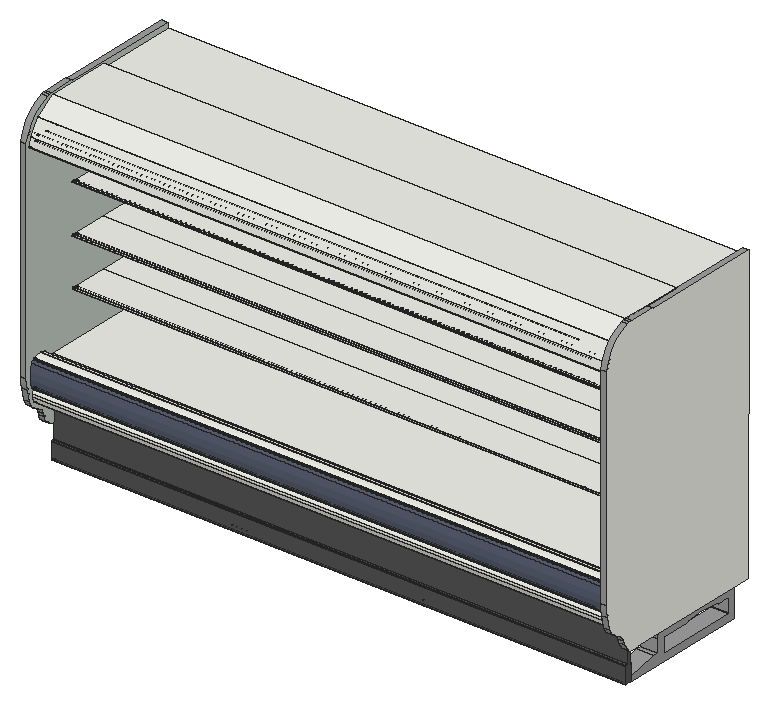
Revit family "IC4SL_2014", category Specialty Equipment, Revit 2014
Parameters (values of type "12'-0" Length")
  Width = 144 3/8"
  Waste Drain = 1 1/4"  # constant formula
  URL = "www.hussmann.com"
  Type Comments = "Insight"  # constant formula
  Trim = Stainless Steel
  Total Weight = Case Weight + (2 * End Weight)  # 1260.00 lbf
  Top Clearance = 1 1/2"  # constant formula
  Splashguard = Textured Sheet Metal (Steel Painted) - 701 Black
  Side Panel - Right [instance] = yes
  Side Panel - Left [instance] = yes
  Shelves = Sheet Metal (Steel Painted) - 700 Interior White
  Shelf Lights [instance] = yes
  Shelf = yes
  Revit Family Date = "06/22/2016"  # constant formula
  Refrigeration Lines Suction = 7/8"  # constant formula
  Refrigeration Lines Liquid = 3/8"  # constant formula
  Refrig. Suction = "Suction"
  Refrig. Liquid = "Liquid"
  Number of Supports = if(Width < 50", 2, if(Width < 100", 3, 4))  # 4
  Number of Shelves = 3  # constant formula
  Note from Manufacturer = "This model only comes in 4'-0\", 6'-0\", 8'-0\" and 12'-0\" lengths."
  Model URL = ""
  Model = "IC4SL"  # constant formula
  Manufacturer Disclaimer = "The information in this file is not intended to be an exact representation of the corresponding Hussmann product.  Further, we reserve the right to change or revise specifications and product design in connection with any feature of our products. Such changes do not entitle the buyer to corresponding changes, improvements, additions, or replacements for equipment previously sold or shipped."  # constant formula
  Manufacturer = "Hussmann Corporation"  # constant formula
  Height = 83 7/8"  # constant formula
  Ends = Textured Sheet Metal (Steel Painted) - 149 White Satin Matte
  End Weight = 80.00 lbf  # constant formula
  Drain Location = if(Width = 48 1/8", 24 1/16", if(Width = 72 1/4", 48 1/8", if(Width = 96 1/4", 72 1/8", if(Width = 144 3/8", 72 3/16", 0"))))  # 72 3/16"
  Description = "Type Info Here"  # constant formula
  Depth = 43 5/8"  # constant formula
  Cutsheet URL = ""
  Clearance [instance] = yes
  Case Weight = if(Width = 48 1/8", 700.00 lbf, if(Width = 72 1/4", 850.00 lbf, if(Width = 96 1/4", 1000.00 lbf, if(Width = 144 3/8", 1100.00 lbf, 0.00 lbf))))  # 1100.00 lbf
  Case Interior - Side Panel = Mirror
  Case Interior - Back Panel = Sheet Metal (Steel Painted) - 700 Interior White
  Case = Textured Sheet Metal (Steel Painted) - 149 White Satin Matte
  Bumper = Extruded PVC - 739 Royal Blue
  Back Clearance = 1 1/2"  # constant formula
  Assembly Code = ""
  Accessories/Options = ""
  8 Case = Width = 96 1/4"  # no
  6 Case = Width = 72 1/4"  # no
  12 Case = Width = 144 3/8"  # yes
Reference planes (in)
  plane 1 "Back": y = 0
  plane 2 "Bottom": z = 0
  plane 3 "Top": z = 83.875
  plane 4 "Left": x = -77.30699
  plane 5 "Front": y = -43.625
  plane 6 "Center (Left/Right)": x = -5.11949
  plane 7: y = 1.5
  plane 8: x = -78.80699
  plane 9 "Right": x = 67.06801
  plane 10: x = 68.56801
  plane 11: z = 85.375
  plane 12: z = 36
  plane 13: z = 60
Forms (in)
  Extrusion 1, solid, material "Metal - Copper"
    sketch origin (57.40105, 5, -0.375) x (1, 0, 0) y (0, 1, 0)
      loop
        circle (0.60446, -33.7155) r 0.41359
      loop
        circle (0.60446, -33.7155) r 0.4375
    from 12.30258 to 0.375
  Extrusion 2, solid, material "Metal - Copper"
    sketch origin (59.82608, 5, -0.375) x (1, 0, 0) y (0, 1, 0)
      loop
        circle (-1.19557, -33.7155) r 0.17188
      loop
        circle (-1.19557, -33.7155) r 0.1875
    from 12.30258 to 0.375
  Extrusion 3, solid, material "Metal - Copper"
    sketch origin (-56.6875, 1.04319, 0) x (1, 0, 0) y (0, 1, 0)
      loop
        arc (51.56801, -33.79819) -> (51.12607, -33.98125) -> (50.94301, -34.42319) r 0.625
        arc (50.94301, -34.42319) -> (51.12607, -34.86513) -> (51.56801, -35.04819) r 0.625
        arc (51.56801, -35.04819) -> (52.00996, -34.86513) -> (52.19301, -34.42319) r 0.625
        arc (52.19301, -34.42319) -> (52.00996, -33.98125) -> (51.56801, -33.79819) r 0.625
      loop
        circle (51.56801, -34.42319) r 0.5852
    from 6.42413 to 3.51473
  Extrusion 4, solid, material "Textured Sheet Metal (Steel Painted) - 149 White Satin Matte" <- "Case"
    sketch origin (-5.11949, 0, 0) x (0, 1, 0) y (0, 0, 1)
      loop
        line (-42.07363, 25.35962) -> (-41.88319, 24.93188) -> (-41.88319, 19.02856) -> (-42.08778, 18.82397)
        spline (-42.08778, 18.82397) -> (-42.07839, 18.83168) -> (-42.06767, 18.8374) -> (-42.05604, 18.84093) -> (-42.04395, 18.84212) -> (-42.03186, 18.84093) -> (-42.02024, 18.83741) -> (-42.00952, 18.83168) -> (-42.00013, 18.82397) -> (-41.99242, 18.81458) -> (-41.9867, 18.80386) -> (-41.98317, 18.79223) -> (-41.98198, 18.78014)
        line (-41.98198, 18.78014) -> (-41.98198, 18.18265)
        spline (-41.98198, 18.18265) -> (-41.9823, 18.17631) -> (-41.98327, 18.17004) -> (-41.98488, 18.1639) -> (-41.9871, 18.15796) -> (-41.98992, 18.15228) -> (-41.99331, 18.14691) -> (-41.99722, 18.14192) -> (-42.00163, 18.13735) -> (-42.00647, 18.13326) -> (-42.01171, 18.12969) -> (-42.01729, 18.12667) -> (-42.02315, 18.12424)
        line (-42.02315, 18.12424) -> (-42.02315, 18.44313)
        arc (-42.02315, 18.44313) -> (-42.04946, 18.48591) -> (-42.09951, 18.48182) r 0.04798
        arc (-42.09951, 18.48182) -> (-42.4797, 18.08738) -> (-42.70474, 17.58791) r 1.60192
        arc (-42.70474, 17.58791) -> (-42.73672, 17.22596) -> (-42.65004, 16.87309) r 1.10946
        line (-42.65004, 16.87309) -> (-42.09128, 15.5712)
        arc (-42.09128, 15.5712) -> (-42.03974, 15.49146) -> (-41.96472, 15.43326) r 0.28293
        line (-41.96472, 15.43326) -> (-35.40239, 11.92456) -> (-35.40239, 12.2309) -> (-34.83615, 11.92758) -> (-0.91598, 11.92758) -> (-0.37599, 12.46814)
        arc (-0.37599, 12.46814) -> (-0.09781, 12.86656) -> (0.00023, 13.34249) r 1.20414
        line (0.00023, 13.34249) -> (0.00023, 81.2604) -> (-20.41514, 81.2604) -> (-20.41514, 82.31025) -> (-36.29377, 82.31025) -> (-40.83775, 79.30088)
        arc (-40.83775, 79.30088) -> (-40.94904, 79.28326) -> (-41.03511, 79.21054) r 0.20951
        line (-41.03511, 79.21054) -> (-43.18971, 75.73909)
        arc (-43.18971, 75.73909) -> (-43.2055, 75.70809) -> (-43.21586, 75.67489) r 0.2066
        line (-43.21586, 75.67489) -> (-43.6426, 73.75158)
        arc (-43.6426, 73.75158) -> (-43.64159, 73.69347) -> (-43.6143, 73.64215) r 0.12446
        line (-43.6143, 73.64215) -> (-43.23885, 73.21781)
        arc (-43.23885, 73.21781) -> (-43.19676, 73.18681) -> (-43.14564, 73.17583) r 0.12446
        line (-43.14564, 73.17583) -> (-42.74519, 73.17583)
        arc (-42.74519, 73.17583) -> (-42.69998, 73.18433) -> (-42.66095, 73.20867) r 0.12446
        line (-42.66095, 73.20867) -> (-42.52496, 73.33371)
        arc (-42.52496, 73.33371) -> (-42.36012, 73.5389) -> (-42.24077, 73.77348) r 1.27904
        arc (-42.24077, 73.77348) -> (-42.2783, 73.94181) -> (-42.32313, 74.10835) r 3.95515
        arc (-42.32313, 74.10835) -> (-42.33337, 74.15126) -> (-42.31558, 74.19162) r 0.06915
        line (-42.31558, 74.19162) -> (-42.23017, 74.2852)
        arc (-42.23017, 74.2852) -> (-42.15868, 74.38751) -> (-42.11586, 74.50475) r 0.48189
        line (-42.11586, 74.50475) -> (-42.00948, 75.00839) -> (-41.93134, 75.28975)
        arc (-41.93134, 75.28975) -> (-41.89961, 75.37553) -> (-41.88883, 75.46636) r 0.38808
        line (-41.88883, 75.46636) -> (-41.88859, 75.7409)
        arc (-41.88859, 75.7409) -> (-41.87042, 75.78469) -> (-41.82661, 75.80283) r 0.06198
        line (-41.82661, 75.80283) -> (-41.57618, 75.80283)
        spline (-41.57618, 75.80283) -> (-41.56802, 75.80229) -> (-41.56001, 75.8007) -> (-41.55227, 75.79807) -> (-41.54494, 75.79446) -> (-41.53814, 75.78992) -> (-41.532, 75.78453) -> (-41.52661, 75.77839) -> (-41.52207, 75.77159) -> (-41.51846, 75.76426) -> (-41.51583, 75.75653) -> (-41.51424, 75.74851) -> (-41.5137, 75.74036)
        line (-41.5137, 75.74036) -> (-41.5137, 75.4909)
        spline (-41.5137, 75.4909) -> (-41.51317, 75.48275) -> (-41.51158, 75.47473) -> (-41.50895, 75.46699) -> (-41.50534, 75.45966) -> (-41.5008, 75.45287) -> (-41.49541, 75.44673) -> (-41.48926, 75.44134) -> (-41.48247, 75.4368) -> (-41.47514, 75.43319) -> (-41.4674, 75.43056) -> (-41.45939, 75.42896) -> (-41.45123, 75.42843)
        line (-41.45123, 75.42843) -> (-41.01386, 75.42843) -> (-41.01386, 75.80283) -> (-39.50583, 75.80283) -> (-38.87279, 75.80283)
        arc (-38.87279, 75.80283) -> (-38.78443, 75.76623) -> (-38.74783, 75.67787) r 0.12496
        line (-38.74783, 75.67787) -> (-38.74783, 75.44952)
        arc (-38.74783, 75.44952) -> (-38.71046, 75.36193) -> (-38.62287, 75.32565) r 0.12387
        line (-38.62287, 75.32565) -> (-41.59978, 75.32565)
        arc (-41.59978, 75.32565) -> (-41.63077, 75.31281) -> (-41.64361, 75.28182) r 0.04383
        line (-41.64361, 75.28182) -> (-41.64361, 74.08114)
        arc (-41.64361, 74.08114) -> (-41.61354, 74.05107) -> (-41.58347, 74.08114) r 0.03007
        line (-41.58347, 74.08114) -> (-41.58347, 74.45452) -> (-41.61472, 74.45452) -> (-41.61472, 75.29676) -> (-40.56595, 75.29676) -> (-40.56595, 74.07955) -> (-39.38132, 74.07955) -> (-39.38132, 75.29676) -> (-39.1853, 75.29676) -> (-39.1853, 75.2181) -> (-39.0718, 75.2181) -> (-39.0718, 74.97217) -> (-38.75418, 74.97217) -> (-38.75418, 75.2181) -> (-38.64067, 75.2181) -> (-38.64067, 75.29676) -> (-38.21543, 75.29676)
        arc (-38.21543, 75.29676) -> (-38.2612, 75.2778) -> (-38.28015, 75.23204) r 0.06472
        line (-38.28015, 75.23204) -> (-38.28015, 74.92534) -> (-38.23175, 74.88676) -> (-38.16821, 74.8377)
        arc (-38.16821, 74.8377) -> (-38.01813, 74.74819) -> (-37.84618, 74.71704) r 0.49006
        line (-37.84618, 74.71704) -> (-37.19962, 74.71704)
        arc (-37.19962, 74.71704) -> (-37.16565, 74.73196) -> (-37.15265, 74.76652) r 0.04701
        arc (-37.15265, 74.76652) -> (-37.17934, 74.79133) -> (-37.20214, 74.76291) r 0.02488
        line (-37.20214, 74.76291) -> (-37.55545, 74.76291) -> (-37.55545, 75.01401) -> (-37.18102, 75.01401)
        arc (-37.18102, 75.01401) -> (-37.15613, 75.0389) -> (-37.18102, 75.06379) r 0.02489
        line (-37.18102, 75.06379) -> (-32.12129, 75.06379)
        arc (-32.12129, 75.06379) -> (-32.13934, 75.03901) -> (-32.11669, 75.01836) r 0.02297
        line (-32.11669, 75.01836) -> (-31.84595, 75.016)
        arc (-31.84595, 75.016) -> (-31.8191, 75.02684) -> (-31.80779, 75.05349) r 0.03783
        line (-31.80779, 75.05349) -> (-31.79872, 76.09294) -> (-7.88951, 75.88429) -> (-7.88951, 23.20154) -> (-6.55423, 23.20154)
        arc (-6.55423, 23.20154) -> (-7.06662, 23.04204) -> (-7.41175, 22.6311) r 0.95364
        arc (-7.41175, 22.6311) -> (-7.47211, 22.23467) -> (-7.56922, 21.8456) r 4.29036
        line (-7.56922, 21.8456) -> (-8.19834, 21.8456)
        arc (-8.19834, 21.8456) -> (-8.37435, 21.91851) -> (-8.44725, 22.09452) r 0.24892
        line (-8.44725, 22.09452) -> (-8.44725, 22.25681)
        arc (-8.44725, 22.25681) -> (-8.49537, 22.37298) -> (-8.61154, 22.4211) r 0.16429
        line (-8.61154, 22.4211) -> (-15.96655, 22.4211)
        arc (-15.96655, 22.4211) -> (-16.07741, 22.37805) -> (-16.13018, 22.27146) r 0.16429
        arc (-16.13018, 22.27146) -> (-16.21012, 22.10996) -> (-16.3781, 22.04474) r 0.24892
        line (-16.3781, 22.04474) -> (-23.14333, 22.04474)
        arc (-23.14333, 22.04474) -> (-24.02788, 22.01665) -> (-24.90887, 21.9325) r 13.94236
        line (-24.90887, 21.9325) -> (-37.89771, 20.27435) -> (-37.89771, 23.82073) -> (-38.05577, 24.75346)
        arc (-38.05577, 24.75346) -> (-38.06296, 24.7748) -> (-38.07639, 24.79288) r 0.07199
        line (-38.07639, 24.79288) -> (-39.00524, 25.70192)
        arc (-39.00524, 25.70192) -> (-39.0236, 25.71496) -> (-39.0451, 25.72168) r 0.07199
        line (-39.0451, 25.72168) -> (-39.95909, 25.85636)
        arc (-39.95909, 25.85636) -> (-40.00881, 25.84507) -> (-40.04157, 25.80599) r 0.07986
        arc (-40.04157, 25.80599) -> (-40.05429, 25.83931) -> (-40.08598, 25.85566) r 0.04998
        arc (-40.08598, 25.85566) -> (-41.10397, 25.80259) -> (-42.04952, 25.42464) r 3.11879
        arc (-42.04952, 25.42464) -> (-42.07134, 25.39684) -> (-42.06931, 25.36155) r 0.04998
    from 72.1875 to -72.1875
  Extrusion 5, solid, material "Extruded PVC - 739 Royal Blue" <- "Bumper"
    sketch origin (-5.11949, 0, 0) x (0, 1, 0) y (0, 0, 1)
      loop
        arc (-42.9463, 24.82198) -> (-43.38796, 22.00262) -> (-42.9463, 19.18327) r 9.21958
        arc (-42.9463, 19.18327) -> (-42.73408, 18.91072) -> (-42.4405, 18.72871) r 0.98023
        arc (-42.4405, 18.72871) -> (-42.40756, 18.71624) -> (-42.37425, 18.70482) r 1.10618
        arc (-42.37425, 18.70482) -> (-42.30826, 18.7003) -> (-42.24795, 18.72745) r 0.13596
        arc (-42.24795, 18.72745) -> (-42.20552, 18.72358) -> (-42.16799, 18.74376) r 0.07398
        line (-42.16799, 18.74376) -> (-41.88319, 19.02856) -> (-41.88319, 24.93188) -> (-42.06997, 25.35138) -> (-42.11633, 25.35138)
        arc (-42.11633, 25.35138) -> (-42.28125, 25.32622) -> (-42.4405, 25.27654) r 1.10618
        arc (-42.4405, 25.27654) -> (-42.73408, 25.09453) -> (-42.9463, 24.82198) r 0.98023
    from 72.1875 to -72.1875
  Extrusion 6, solid, material "Textured Sheet Metal (Steel Painted) - 701 Black" <- "Splashguard"
    sketch origin (-5.11949, 0, 0) x (0, 1, 0) y (0, 0, 1)
      loop
        arc (-34.90317, 3.84529) -> (-34.90989, 3.87559) -> (-34.92878, 3.90021) r 0.0717
        line (-34.92878, 3.90021) -> (-35.13805, 4.0758) -> (-35.13805, 10.78656) -> (-35.13805, 10.87916)
        arc (-35.13805, 10.87916) -> (-35.15974, 10.91498) -> (-35.19987, 10.92695) r 0.05816
        line (-35.19987, 10.92695) -> (-35.62094, 10.92695)
        arc (-35.62094, 10.92695) -> (-35.65473, 10.91295) -> (-35.66873, 10.87916) r 0.04778
        line (-35.66873, 10.87916) -> (-35.66873, 4.43233)
        arc (-35.66873, 4.43233) -> (-35.68571, 4.43473) -> (-35.70269, 4.4323) r 0.06096
        line (-35.70269, 4.4323) -> (-36.14202, 4.2724)
        arc (-36.14202, 4.2724) -> (-36.15598, 4.26458) -> (-36.16674, 4.25273) r 0.04978
        line (-36.16674, 4.25273) -> (-36.36215, 3.95183) -> (-36.36215, 0.04978) -> (-36.00943, 0.04978)
        arc (-36.00943, 0.04978) -> (-35.98341, 0.01377) -> (-35.94116, 0) r 0.0717
        line (-35.94116, 0) -> (-34.97487, 0)
        arc (-34.97487, 0) -> (-34.92417, 0.021) -> (-34.90317, 0.0717) r 0.0717
        line (-34.90317, 0.0717) -> (-34.90317, 3.84529)
    from 72.1875 to -72.1875
  Extrusion 7, solid, material "Sheet Metal (Steel Painted) - 700 Interior White" <- "Shelves"
    sketch origin (-5.11949, 0, 0) x (0, 1, 0) y (0, 0, 1)
      loop
        line (-35.3542, 23.41213) -> (-10.46248, 23.41213) -> (-10.46248, 23.55849) -> (-10.01991, 23.55849) -> (-9.8143, 23.55849) -> (-9.8143, 23.19707) -> (-8.89089, 23.19707) -> (-8.60461, 23.03179) -> (-8.56573, 23.03179) -> (-8.56573, 23.42553) -> (-8.79254, 23.55648) -> (-9.48191, 23.55717)
        arc (-9.48191, 23.55717) -> (-9.36523, 23.60676) -> (-9.31696, 23.72328) r 0.16478
        arc (-9.31696, 23.72328) -> (-9.33528, 23.79878) -> (-9.38616, 23.8575) r 0.16478
        line (-9.38616, 23.8575) -> (-9.61031, 23.98692) -> (-10.46248, 23.98692) -> (-10.46248, 24.03442) -> (-36.34987, 24.03442) -> (-36.34987, 23.54331) -> (-36.75909, 23.54331)
        arc (-36.75909, 23.54331) -> (-36.85863, 23.53021) -> (-36.95138, 23.49179) r 0.38458
        line (-36.95138, 23.49179) -> (-37.09662, 23.40793) -> (-37.09662, 23.0176) -> (-37.05084, 23.0176) -> (-36.76543, 23.18238) -> (-35.3542, 23.18238) -> (-35.3542, 23.41213)
      loop
        arc (-36.46249, 20.99081) -> (-36.56499, 20.93641) -> (-36.60597, 20.82785) r 0.16429
        line (-36.60597, 20.82785) -> (-36.60597, 20.65841)
        arc (-36.60597, 20.65841) -> (-36.66806, 20.49392) -> (-36.82336, 20.4115) r 0.24892
        line (-36.82336, 20.4115) -> (-35.81639, 20.54005)
        arc (-35.81639, 20.54005) -> (-35.65801, 20.62603) -> (-35.59888, 20.79637) r 0.24892
        arc (-35.59888, 20.79637) -> (-35.56004, 20.90879) -> (-35.45551, 20.96554) r 0.16429
        line (-35.45551, 20.96554) -> (-24.95653, 22.30583)
        arc (-24.95653, 22.30583) -> (-24.05176, 22.39225) -> (-23.14333, 22.4211) r 14.31872
        line (-23.14333, 22.4211) -> (-19.62961, 22.4211)
        arc (-19.62961, 22.4211) -> (-19.5394, 22.44808) -> (-19.47882, 22.52017) r 0.16429
        arc (-19.47882, 22.52017) -> (-19.41825, 22.59225) -> (-19.32804, 22.61924) r 0.16429
        line (-19.32804, 22.61924) -> (-8.61154, 22.61924) -> (-8.49864, 22.61924)
        arc (-8.49864, 22.61924) -> (-8.41066, 22.58279) -> (-8.37421, 22.49481) r 0.12442
        line (-8.37421, 22.49481) -> (-8.37421, 22.648)
        arc (-8.37421, 22.648) -> (-8.41077, 22.73626) -> (-8.49903, 22.77282) r 0.12482
        line (-8.49903, 22.77282) -> (-19.40559, 22.77282)
        arc (-19.40559, 22.77282) -> (-19.49602, 22.74569) -> (-19.55659, 22.67325) r 0.16429
        arc (-19.55659, 22.67325) -> (-19.61715, 22.60082) -> (-19.70759, 22.57369) r 0.16429
        line (-19.70759, 22.57369) -> (-23.14333, 22.57369)
        arc (-23.14333, 22.57369) -> (-24.06144, 22.54453) -> (-24.97585, 22.45719) r 14.47131
        line (-24.97585, 22.45719) -> (-36.2763, 21.01458) -> (-36.46249, 20.99081)
    from 72.1875 to -72.1875
  Extrusion 8, solid, material "Textured Sheet Metal (Steel Painted) - 149 White Satin Matte" <- "Ends", visible <- "Side Panel - Left"
    sketch origin (-77.30699, 0, 0) x (0, 1, 0) y (0, 0, 1)
      loop
        line (-44.34874, 74.56174) -> (-44.34874, 21.75022)
        arc (-44.34874, 21.75022) -> (-44.25773, 20.342) -> (-43.98284, 18.95787) r 10.73858
        line (-43.98284, 18.95787) -> (-43.17035, 15.92562)
        arc (-43.17035, 15.92562) -> (-42.56718, 14.73596) -> (-41.53566, 13.89034) r 3.23817
        line (-41.53566, 13.89034) -> (-40.26696, 13.23107)
        arc (-40.26696, 13.23107) -> (-39.38707, 12.50976) -> (-38.87257, 11.49498) r 2.76215
        line (-38.87257, 11.49498) -> (-38.61811, 10.54533)
        arc (-38.61811, 10.54533) -> (-37.46438, 8.81659) -> (-35.49742, 8.14526) r 3.23817
        line (-35.49742, 8.14526) -> (-34.45714, 8.14526) -> (-34.45714, 8.38327) -> (0.23965, 8.38327) -> (0.23965, 82.43525) -> (-29.90178, 82.43525) -> (-29.90178, 82.62526) -> (-36.41542, 82.62526) -> (-36.9812, 82.54578)
        arc (-36.9812, 82.54578) -> (-37.34131, 82.47417) -> (-37.691, 82.36226) r 3.23817
        arc (-37.691, 82.36226) -> (-42.01122, 79.30812) -> (-44.34874, 74.56174) r 10.73862
    from 0 to -1.5
  Extrusion 9, solid, material "Textured Sheet Metal (Steel Painted) - 149 White Satin Matte" <- "Ends", visible <- "Side Panel - Right"
    sketch origin (67.06801, 0, 0) x (0, 0, 1) y (0, -1, 0)
      loop
        line (74.56174, 44.34874) -> (21.75022, 44.34874)
        arc (21.75022, 44.34874) -> (20.342, 44.25773) -> (18.95787, 43.98284) r 10.73858
        line (18.95787, 43.98284) -> (15.92562, 43.17035)
        arc (15.92562, 43.17035) -> (14.73596, 42.56718) -> (13.89034, 41.53566) r 3.23817
        line (13.89034, 41.53566) -> (13.23107, 40.26696)
        arc (13.23107, 40.26696) -> (12.50976, 39.38707) -> (11.49498, 38.87257) r 2.76215
        line (11.49498, 38.87257) -> (10.54533, 38.61811)
        arc (10.54533, 38.61811) -> (8.81659, 37.46438) -> (8.14526, 35.49742) r 3.23817
        line (8.14526, 35.49742) -> (8.14526, 34.45714) -> (8.38327, 34.45714) -> (8.38327, -0.23965) -> (82.43525, -0.23965) -> (82.43525, 29.90178) -> (82.62526, 29.90178) -> (82.62526, 36.41542) -> (82.54578, 36.9812)
        arc (82.54578, 36.9812) -> (82.47417, 37.34131) -> (82.36226, 37.691) r 3.23817
        arc (82.36226, 37.691) -> (79.30812, 42.01122) -> (74.56174, 44.34874) r 10.73862
    from 1.5 to 0
  Extrusion 10, solid, material "Sheet Metal (Steel Painted) - 700 Interior White" <- "Shelves", visible <- "Shelf"
    sketch origin (-5.11949, 0, 0) x (0, 1, 0) y (0, 0, 1)
      loop
        spline (-28.68269, 35.472) -> (-28.68213, 35.46336) -> (-28.68044, 35.45486) -> (-28.67765, 35.44666) -> (-28.67382, 35.4389) -> (-28.669, 35.4317) -> (-28.66329, 35.42518) -> (-28.65677, 35.41947) -> (-28.64957, 35.41466) -> (-28.6418, 35.41083) -> (-28.63359, 35.40805) -> (-28.62509, 35.40636) -> (-28.61644, 35.40579)
        line (-28.61644, 35.40579) -> (-12.46783, 35.40579) -> (-11.62043, 35.30174)
        arc (-11.62043, 35.30174) -> (-11.3986, 35.24984) -> (-11.19298, 35.15173) r 1.06
        line (-11.19298, 35.15173) -> (-8.75659, 33.64836)
        arc (-8.75659, 33.64836) -> (-8.66439, 33.59761) -> (-8.56761, 33.55625) r 1.06
        line (-8.56761, 33.55625) -> (-8.12596, 33.39293) -> (-8.09839, 33.4842) -> (-7.92977, 33.44493) -> (-7.93041, 33.53516) -> (-7.87255, 33.53537)
        arc (-7.87255, 33.53537) -> (-7.80884, 33.58504) -> (-7.84035, 33.65943) r 0.06634
        line (-7.84035, 33.65943) -> (-7.99305, 33.74594)
        arc (-7.99305, 33.74594) -> (-8.00733, 33.76223) -> (-8.00836, 33.78387) r 0.03286
        line (-8.00836, 33.78387) -> (-7.91408, 34.10214) -> (-7.91992, 34.77054) -> (-7.95984, 35.09116)
        arc (-7.95984, 35.09116) -> (-7.95181, 35.11731) -> (-7.92694, 35.12868) r 0.03339
        line (-7.92694, 35.12868) -> (-7.88546, 35.12896) -> (-7.88481, 35.03296) -> (-7.67099, 35.01836) -> (-7.60771, 34.9995) -> (-7.63317, 34.91229) -> (-7.28112, 34.84176) -> (-7.22449, 34.80674) -> (-7.26911, 34.73457) -> (-6.93717, 34.56666) -> (-6.8921, 34.51885) -> (-6.95362, 34.46087)
        arc (-6.95362, 34.46087) -> (-6.73643, 34.45391) -> (-6.72888, 34.67108) r 0.15386
        arc (-6.72888, 34.67108) -> (-7.10578, 34.98765) -> (-7.54838, 35.203) r 2.00779
        arc (-7.54838, 35.203) -> (-7.56582, 35.19787) -> (-7.57667, 35.21246) r 0.0159
        arc (-7.57667, 35.21246) -> (-7.74377, 35.25904) -> (-7.91426, 35.29103) r 2.00779
        arc (-7.91426, 35.29103) -> (-7.9535, 35.31324) -> (-7.96944, 35.35542) r 0.06625
        line (-7.96944, 35.35542) -> (-7.97913, 35.62446)
        arc (-7.97913, 35.62446) -> (-7.96994, 35.64868) -> (-7.9462, 35.65905) r 0.03339
        line (-7.9462, 35.65905) -> (-7.89018, 35.65978) -> (-7.88895, 35.56561) -> (-7.51894, 35.52906) -> (-7.45598, 35.51021) -> (-7.48045, 35.42848) -> (-7.35063, 35.39753)
        arc (-7.35063, 35.39753) -> (-7.27022, 35.4716) -> (-7.30843, 35.57403) r 0.098
        arc (-7.30843, 35.57403) -> (-7.68142, 35.7801) -> (-8.09208, 35.89388) r 1.82161
        line (-8.09208, 35.89388) -> (-8.09208, 35.97986)
        arc (-8.09208, 35.97986) -> (-8.09798, 35.9941) -> (-8.11222, 36) r 0.02014
        line (-8.11222, 36) -> (-20.40462, 36) -> (-29.75965, 36) -> (-29.8012, 36) -> (-29.8176, 36.04765)
        arc (-29.8176, 36.04765) -> (-29.87529, 36.08197) -> (-29.91865, 36.03074) r 0.05194
        line (-29.91865, 36.03074) -> (-29.91865, 35.68875)
        arc (-29.91865, 35.68875) -> (-29.90622, 35.67015) -> (-29.88427, 35.67451) r 0.02014
        line (-29.88427, 35.67451) -> (-29.77848, 35.7803) -> (-29.8011, 35.80292) -> (-29.88381, 35.69221)
        arc (-29.88381, 35.69221) -> (-29.89827, 35.68934) -> (-29.90646, 35.7016) r 0.01327
        line (-29.90646, 35.7016) -> (-29.90646, 36.03074)
        arc (-29.90646, 36.03074) -> (-29.87327, 36.06994) -> (-29.82913, 36.04368) r 0.03975
        line (-29.82913, 36.04368) -> (-29.80989, 35.98781) -> (-29.75965, 35.98781) -> (-29.75965, 35.78981)
        spline (-29.75965, 35.78981) -> (-29.75909, 35.78117) -> (-29.7574, 35.77267) -> (-29.75461, 35.76447) -> (-29.75078, 35.7567) -> (-29.74596, 35.7495) -> (-29.74025, 35.74299) -> (-29.73373, 35.73728) -> (-29.72653, 35.73247) -> (-29.71876, 35.72864) -> (-29.71055, 35.72585) -> (-29.70205, 35.72416) -> (-29.6934, 35.7236)
        line (-29.6934, 35.7236) -> (-28.74894, 35.7236)
        spline (-28.74894, 35.7236) -> (-28.7403, 35.72303) -> (-28.7318, 35.72134) -> (-28.72359, 35.71856) -> (-28.71582, 35.71473) -> (-28.70861, 35.70992) -> (-28.7021, 35.70421) -> (-28.69638, 35.69769) -> (-28.69157, 35.69049) -> (-28.68774, 35.68273) -> (-28.68495, 35.67452) -> (-28.68326, 35.66603) -> (-28.68269, 35.65739)
        line (-28.68269, 35.65739) -> (-28.68269, 35.472)
      loop
        spline (-28.68269, 59.472) -> (-28.68213, 59.46336) -> (-28.68044, 59.45486) -> (-28.67765, 59.44666) -> (-28.67382, 59.4389) -> (-28.669, 59.4317) -> (-28.66329, 59.42518) -> (-28.65677, 59.41947) -> (-28.64957, 59.41466) -> (-28.6418, 59.41083) -> (-28.63359, 59.40805) -> (-28.62509, 59.40636) -> (-28.61644, 59.40579)
        line (-28.61644, 59.40579) -> (-12.46783, 59.40579) -> (-11.62043, 59.30174)
        arc (-11.62043, 59.30174) -> (-11.3986, 59.24984) -> (-11.19298, 59.15173) r 1.06
        line (-11.19298, 59.15173) -> (-8.75659, 57.64836)
        arc (-8.75659, 57.64836) -> (-8.66439, 57.59761) -> (-8.56761, 57.55625) r 1.06
        line (-8.56761, 57.55625) -> (-8.12596, 57.39293) -> (-8.09839, 57.4842) -> (-7.92977, 57.44493) -> (-7.93041, 57.53516) -> (-7.87255, 57.53537)
        arc (-7.87255, 57.53537) -> (-7.80884, 57.58504) -> (-7.84035, 57.65943) r 0.06634
        line (-7.84035, 57.65943) -> (-7.99305, 57.74594)
        arc (-7.99305, 57.74594) -> (-8.00733, 57.76223) -> (-8.00836, 57.78387) r 0.03286
        line (-8.00836, 57.78387) -> (-7.91408, 58.10214) -> (-7.91992, 58.77054) -> (-7.95984, 59.09116)
        arc (-7.95984, 59.09116) -> (-7.95181, 59.11731) -> (-7.92694, 59.12868) r 0.03339
        line (-7.92694, 59.12868) -> (-7.88546, 59.12896) -> (-7.88481, 59.03296) -> (-7.67099, 59.01836) -> (-7.60771, 58.9995) -> (-7.63317, 58.91229) -> (-7.28112, 58.84176) -> (-7.22449, 58.80674) -> (-7.26911, 58.73457) -> (-6.93717, 58.56666) -> (-6.8921, 58.51885) -> (-6.95362, 58.46087)
        arc (-6.95362, 58.46087) -> (-6.73643, 58.45391) -> (-6.72888, 58.67108) r 0.15386
        arc (-6.72888, 58.67108) -> (-7.10578, 58.98765) -> (-7.54838, 59.203) r 2.00779
        arc (-7.54838, 59.203) -> (-7.56582, 59.19787) -> (-7.57667, 59.21246) r 0.0159
        arc (-7.57667, 59.21246) -> (-7.74377, 59.25904) -> (-7.91426, 59.29103) r 2.00779
        arc (-7.91426, 59.29103) -> (-7.9535, 59.31324) -> (-7.96944, 59.35542) r 0.06625
        line (-7.96944, 59.35542) -> (-7.97913, 59.62446)
        arc (-7.97913, 59.62446) -> (-7.96994, 59.64868) -> (-7.9462, 59.65905) r 0.03339
        line (-7.9462, 59.65905) -> (-7.89018, 59.65978) -> (-7.88895, 59.56561) -> (-7.51894, 59.52906) -> (-7.45598, 59.51021) -> (-7.48045, 59.42848) -> (-7.35063, 59.39753)
        arc (-7.35063, 59.39753) -> (-7.27022, 59.4716) -> (-7.30843, 59.57403) r 0.098
        arc (-7.30843, 59.57403) -> (-7.68142, 59.7801) -> (-8.09208, 59.89388) r 1.82161
        line (-8.09208, 59.89388) -> (-8.09208, 59.97986)
        arc (-8.09208, 59.97986) -> (-8.09798, 59.9941) -> (-8.11222, 60) r 0.02014
        line (-8.11222, 60) -> (-20.40462, 60) -> (-29.75965, 60) -> (-29.8012, 60) -> (-29.8176, 60.04765)
        arc (-29.8176, 60.04765) -> (-29.87529, 60.08197) -> (-29.91865, 60.03074) r 0.05194
        line (-29.91865, 60.03074) -> (-29.91865, 59.68875)
        arc (-29.91865, 59.68875) -> (-29.90622, 59.67015) -> (-29.88427, 59.67451) r 0.02014
        line (-29.88427, 59.67451) -> (-29.77848, 59.7803) -> (-29.8011, 59.80292) -> (-29.88381, 59.69221)
        arc (-29.88381, 59.69221) -> (-29.89827, 59.68934) -> (-29.90646, 59.7016) r 0.01327
        line (-29.90646, 59.7016) -> (-29.90646, 60.03074)
        arc (-29.90646, 60.03074) -> (-29.87327, 60.06994) -> (-29.82913, 60.04368) r 0.03975
        line (-29.82913, 60.04368) -> (-29.80989, 59.98781) -> (-29.75965, 59.98781) -> (-29.75965, 59.78981)
        spline (-29.75965, 59.78981) -> (-29.75909, 59.78117) -> (-29.7574, 59.77267) -> (-29.75461, 59.76447) -> (-29.75078, 59.7567) -> (-29.74596, 59.7495) -> (-29.74025, 59.74299) -> (-29.73373, 59.73728) -> (-29.72653, 59.73247) -> (-29.71876, 59.72864) -> (-29.71055, 59.72585) -> (-29.70205, 59.72416) -> (-29.6934, 59.7236)
        line (-29.6934, 59.7236) -> (-28.74894, 59.7236)
        spline (-28.74894, 59.7236) -> (-28.7403, 59.72303) -> (-28.7318, 59.72134) -> (-28.72359, 59.71856) -> (-28.71582, 59.71473) -> (-28.70861, 59.70992) -> (-28.7021, 59.70421) -> (-28.69638, 59.69769) -> (-28.69157, 59.69049) -> (-28.68774, 59.68273) -> (-28.68495, 59.67452) -> (-28.68326, 59.66603) -> (-28.68269, 59.65739)
        line (-28.68269, 59.65739) -> (-28.68269, 59.472)
      loop
        spline (-28.68269, 47.472) -> (-28.68213, 47.46336) -> (-28.68044, 47.45486) -> (-28.67765, 47.44666) -> (-28.67382, 47.4389) -> (-28.669, 47.4317) -> (-28.66329, 47.42518) -> (-28.65677, 47.41947) -> (-28.64957, 47.41466) -> (-28.6418, 47.41083) -> (-28.63359, 47.40805) -> (-28.62509, 47.40636) -> (-28.61644, 47.40579)
        line (-28.61644, 47.40579) -> (-12.46783, 47.40579) -> (-11.62043, 47.30174)
        arc (-11.62043, 47.30174) -> (-11.3986, 47.24984) -> (-11.19298, 47.15173) r 1.06
        line (-11.19298, 47.15173) -> (-8.75659, 45.64836)
        arc (-8.75659, 45.64836) -> (-8.66439, 45.59761) -> (-8.56761, 45.55625) r 1.06
        line (-8.56761, 45.55625) -> (-8.12596, 45.39293) -> (-8.09839, 45.4842) -> (-7.92977, 45.44493) -> (-7.93041, 45.53516) -> (-7.87255, 45.53537)
        arc (-7.87255, 45.53537) -> (-7.80884, 45.58504) -> (-7.84035, 45.65943) r 0.06634
        line (-7.84035, 45.65943) -> (-7.99305, 45.74594)
        arc (-7.99305, 45.74594) -> (-8.00733, 45.76223) -> (-8.00836, 45.78387) r 0.03286
        line (-8.00836, 45.78387) -> (-7.91408, 46.10214) -> (-7.91992, 46.77054) -> (-7.95984, 47.09116)
        arc (-7.95984, 47.09116) -> (-7.95181, 47.11731) -> (-7.92694, 47.12868) r 0.03339
        line (-7.92694, 47.12868) -> (-7.88546, 47.12896) -> (-7.88481, 47.03296) -> (-7.67099, 47.01836) -> (-7.60771, 46.9995) -> (-7.63317, 46.91229) -> (-7.28112, 46.84176) -> (-7.22449, 46.80674) -> (-7.26911, 46.73457) -> (-6.93717, 46.56666) -> (-6.8921, 46.51885) -> (-6.95362, 46.46087)
        arc (-6.95362, 46.46087) -> (-6.73643, 46.45391) -> (-6.72888, 46.67108) r 0.15386
        arc (-6.72888, 46.67108) -> (-7.10578, 46.98765) -> (-7.54838, 47.203) r 2.00779
        arc (-7.54838, 47.203) -> (-7.56582, 47.19787) -> (-7.57667, 47.21246) r 0.0159
        arc (-7.57667, 47.21246) -> (-7.74377, 47.25904) -> (-7.91426, 47.29103) r 2.00779
        arc (-7.91426, 47.29103) -> (-7.9535, 47.31324) -> (-7.96944, 47.35542) r 0.06625
        line (-7.96944, 47.35542) -> (-7.97913, 47.62446)
        arc (-7.97913, 47.62446) -> (-7.96994, 47.64868) -> (-7.9462, 47.65905) r 0.03339
        line (-7.9462, 47.65905) -> (-7.89018, 47.65978) -> (-7.88895, 47.56561) -> (-7.51894, 47.52906) -> (-7.45598, 47.51021) -> (-7.48045, 47.42848) -> (-7.35063, 47.39753)
        arc (-7.35063, 47.39753) -> (-7.27022, 47.4716) -> (-7.30843, 47.57403) r 0.098
        arc (-7.30843, 47.57403) -> (-7.68142, 47.7801) -> (-8.09208, 47.89388) r 1.82161
        line (-8.09208, 47.89388) -> (-8.09208, 47.97986)
        arc (-8.09208, 47.97986) -> (-8.09798, 47.9941) -> (-8.11222, 48) r 0.02014
        line (-8.11222, 48) -> (-20.40462, 48) -> (-29.75965, 48) -> (-29.8012, 48) -> (-29.8176, 48.04765)
        arc (-29.8176, 48.04765) -> (-29.87529, 48.08197) -> (-29.91865, 48.03074) r 0.05194
        line (-29.91865, 48.03074) -> (-29.91865, 47.68875)
        arc (-29.91865, 47.68875) -> (-29.90622, 47.67015) -> (-29.88427, 47.67451) r 0.02014
        line (-29.88427, 47.67451) -> (-29.77848, 47.7803) -> (-29.8011, 47.80292) -> (-29.88381, 47.69221)
        arc (-29.88381, 47.69221) -> (-29.89827, 47.68934) -> (-29.90646, 47.7016) r 0.01327
        line (-29.90646, 47.7016) -> (-29.90646, 48.03074)
        arc (-29.90646, 48.03074) -> (-29.87327, 48.06994) -> (-29.82913, 48.04368) r 0.03975
        line (-29.82913, 48.04368) -> (-29.80989, 47.98781) -> (-29.75965, 47.98781) -> (-29.75965, 47.78981)
        spline (-29.75965, 47.78981) -> (-29.75909, 47.78117) -> (-29.7574, 47.77267) -> (-29.75461, 47.76447) -> (-29.75078, 47.7567) -> (-29.74596, 47.7495) -> (-29.74025, 47.74299) -> (-29.73373, 47.73728) -> (-29.72653, 47.73247) -> (-29.71876, 47.72864) -> (-29.71055, 47.72585) -> (-29.70205, 47.72416) -> (-29.6934, 47.7236)
        line (-29.6934, 47.7236) -> (-28.74894, 47.7236)
        spline (-28.74894, 47.7236) -> (-28.7403, 47.72303) -> (-28.7318, 47.72134) -> (-28.72359, 47.71856) -> (-28.71582, 47.71473) -> (-28.70861, 47.70992) -> (-28.7021, 47.70421) -> (-28.69638, 47.69769) -> (-28.69157, 47.69049) -> (-28.68774, 47.68273) -> (-28.68495, 47.67452) -> (-28.68326, 47.66603) -> (-28.68269, 47.65739)
        line (-28.68269, 47.65739) -> (-28.68269, 47.472)
    from 72.1875 to -72.1875
Lines and regions (in)
  reference lines
    curve 1: line (-5.11949, -43.625, 0) -> (-5.11949, 0, 0)
    curve 2: line (58.44301, -43.625, 0) -> (58.44301, 0, 0)
    curve 3: line (-77.30699, -33.38, 0) -> (67.06801, -33.38, 0)
    curve 4: line (67.06801, -28.7155, 0) -> (-77.30699, -28.7155, 0)
  symbolic lines, style "Clearance", visible <- "Clearance"
    curve 5: line (-5.11949, 0, 0) -> (-5.11949, 1.5, 0)
    curve 6: line (-5.11949, 1.5, 0) -> (-5.11949, 1.5, 81.2604)
    curve 7: line (-5.11949, 1.5, 81.2604) -> (-5.11949, 0, 81.2604)
    curve 8: line (-5.11949, 0, 81.2604) -> (-5.11949, 0, 85.375)
    curve 9: line (-5.11949, 0, 85.375) -> (-5.11949, -43.625, 85.375)
    curve 10: line (-5.11949, -43.625, 85.375) -> (-5.11949, -43.625, 73.83088)
    curve 11: line (-77.30699, -40, 82.31025) -> (-77.30699, -40, 85.375)
    curve 12: line (-77.30699, -40, 85.375) -> (67.06801, -40, 85.375)
    curve 13: line (67.06801, -40, 85.375) -> (67.06801, -40, 82.31025)
    curve 14: line (-77.30699, 0.00023, 0) -> (-77.30699, 1.5, 0)
    curve 15: line (-77.30699, 1.5, 0) -> (67.06801, 1.5, 0)
    curve 16: line (67.06801, 1.5, 0) -> (67.06801, 0.00023, 0)
Dimensions and locks (in)
  equal spacing: plane 4 "Left", plane 6 "Center (Left/Right)", plane 9 "Right"
  locked: plane 8 to plane 4 "Left" at 1.5
  "Width": plane 4 "Left" to plane 9 "Right"
  "Drain Location": plane 4 "Left" to curve 1
  "Depth": plane 5 "Front" to plane 1 "Back"
  "Back Clearance": plane 1 "Back" to plane 7
  locked: curve 2 to plane 9 "Right" at 8.625
  "Height": plane 3 "Top" to level
  locked: plane 1 "Back" to curve 3 at 33.38
  locked: plane 1 "Back" to curve 4 at 28.7155
  locked: plane 9 "Right" to plane 10 at 1.5
  plane 12 to level = 36"
  plane 13 to level = 60"
  "Top Clearance": plane 11 to plane 3 "Top"
  locked: Extrusion 3 sketch curve to Extrusion 3 sketch curve at 0.0398
  locked: Extrusion 2 sketch curve to Extrusion 2 sketch curve at 0.01562
  locked: Extrusion 1 sketch curve to Extrusion 1 sketch curve at 0.02391
  locked: nested 1 to plane 1 "Back" at 0.91598
  nested 3 to plane 6 "Center (Left/Right)" to nested 4 = 23.9122" locked, 23.9122" locked
  "Waste Drain": diameter of Extrusion 3 sketch curve
  "Refrigeration Lines Liquid": diameter of Extrusion 2 sketch curve
  "Refrigeration Lines Suction": diameter of Extrusion 1 sketch curve
  aligned and locked: plane 5 "Front" to curve 1
  aligned and locked: plane 4 "Left" to curve 3
  aligned and locked: plane 4 "Left" to curve 4
  aligned and locked: plane 9 "Right" to curve 4
  aligned and locked: plane 9 "Right" to curve 3
  aligned and locked: Extrusion 1 to level
  aligned and locked: Extrusion 2 to level
  aligned and locked: curve 4 to Extrusion 2 sketch curve  (x4)
  aligned and locked: curve 4 to Extrusion 1 sketch curve  (x4)
  aligned and locked: curve 3 to Extrusion 3 sketch curve
  aligned and locked: curve 1 to Extrusion 3 sketch curve
  aligned and locked: curve 2 to Extrusion 2 sketch curve
  aligned and locked: curve 2 to Extrusion 1 sketch curve
  aligned and locked: Extrusion 4 to plane 4 "Left"
  aligned and locked: plane 9 "Right" to Extrusion 4
  aligned and locked: Extrusion 5 to plane 4 "Left"
  aligned and locked: plane 9 "Right" to Extrusion 5
  aligned and locked: Extrusion 6 to plane 4 "Left"
  aligned and locked: plane 9 "Right" to Extrusion 6
  aligned and locked: plane 9 "Right" to nested 2
  aligned and locked: plane 4 "Left" to nested 1
  aligned and locked: nested 1 to nested 3
  aligned and locked: nested 3 to nested 4
  aligned and locked: nested 1 to nested 2
  aligned and locked: nested 1 to nested 5
  aligned and locked: plane 6 "Center (Left/Right)" to nested 5
  aligned and locked: nested 1 to nested 6
  aligned and locked: plane 6 "Center (Left/Right)" to nested 6
  aligned and locked: plane 4 "Left" to nested 7
  aligned and locked: Extrusion 4 to nested 7
  aligned and locked: Extrusion 7 to plane 4 "Left"
  aligned and locked: plane 9 "Right" to Extrusion 7
  aligned and locked: curve 7 to Extrusion 4
  aligned and locked: curve 8 to plane 1 "Back"
  aligned and locked: plane 7 to curve 6
  aligned and locked: curve 9 to plane 11
  aligned and locked: curve 10 to plane 5 "Front"
  aligned and locked: curve 5 to level
  aligned and locked: curve 13 to plane 9 "Right"
  aligned and locked: plane 11 to curve 12
  aligned and locked: plane 4 "Left" to curve 11
  aligned and locked: curve 16 to plane 9 "Right"
  aligned and locked: curve 15 to plane 7
  aligned and locked: plane 4 "Left" to curve 14
  aligned and locked: plane 8 to Extrusion 8
  aligned and locked: plane 4 "Left" to Extrusion 8
  aligned and locked: plane 10 to Extrusion 9
  aligned and locked: Extrusion 9 to plane 9 "Right"
  aligned and locked: Extrusion 10 to plane 4 "Left"
  aligned and locked: plane 9 "Right" to Extrusion 10
  aligned and locked: plane 4 "Left" to nested 8
  aligned and locked: plane 4 "Left" to nested 9
  aligned and locked: plane 4 "Left" to nested 10
Automatic sketch dimensions
  Extrusion 4 sketch curve to plane 5 "Front" = 2.49398"
  Extrusion 4 sketch curve to plane 5 "Front" = 0.0176"
  plane 5 "Front" to Extrusion 4 sketch curve = 0.0107"
  plane 5 "Front" to Extrusion 4 sketch curve = 0.1039"
  plane 5 "Front" to Extrusion 4 sketch curve = 0.19064"
  plane 5 "Front" to Extrusion 4 sketch curve = 0.38615"
  plane 5 "Front" to Extrusion 4 sketch curve = 0.40914"
  Extrusion 4 sketch curve to Extrusion 4 sketch curve = 0.02616"
  Extrusion 4 sketch curve to Extrusion 4 sketch curve = 0.09321"  (x2)
  Extrusion 4 sketch curve to Extrusion 4 sketch curve = 0.17554"
  Extrusion 4 sketch curve to Extrusion 4 sketch curve = 0.40046"
  Extrusion 4 sketch curve to Extrusion 4 sketch curve = 0"  (x12)
  Extrusion 4 sketch curve to Extrusion 4 sketch curve = 0.08424"
  plane 5 "Front" to Extrusion 4 sketch curve = 0.97496"
  Extrusion 4 sketch curve to Extrusion 4 sketch curve = 0.84826"
  Extrusion 4 sketch curve to Extrusion 4 sketch curve = 0.13599"
  Extrusion 4 sketch curve to Extrusion 4 sketch curve = 0.27053"
  Extrusion 4 sketch curve to Extrusion 4 sketch curve = 0.73726"
  Extrusion 4 sketch curve to Extrusion 4 sketch curve = 0.05107"
  Extrusion 4 sketch curve to Extrusion 4 sketch curve = 0.08541"
  Extrusion 4 sketch curve to Extrusion 4 sketch curve = 0.11431"
  Extrusion 4 sketch curve to Extrusion 4 sketch curve = 0.55875"
  plane 5 "Front" to Extrusion 4 sketch curve = 1.55385"
  plane 5 "Front" to Extrusion 4 sketch curve = 1.60136"
  Extrusion 4 sketch curve to Extrusion 4 sketch curve = 0.048"
  Extrusion 4 sketch curve to Extrusion 4 sketch curve = 0.10638"
  Extrusion 4 sketch curve to Extrusion 4 sketch curve = 0.04117"
  Extrusion 4 sketch curve to Extrusion 4 sketch curve = 0.12656"
  Extrusion 4 sketch curve to Extrusion 4 sketch curve = 5/64"
  Extrusion 4 sketch curve to Extrusion 4 sketch curve = 0.04252"
  Extrusion 4 sketch curve to Extrusion 4 sketch curve = 0.00024"
  Extrusion 4 sketch curve to Extrusion 4 sketch curve = 0.14045"
  Extrusion 4 sketch curve to Extrusion 4 sketch curve = 0.26002"
  Extrusion 4 sketch curve to Extrusion 4 sketch curve = 0.06198"  (x3)
  Extrusion 4 sketch curve to Extrusion 4 sketch curve = 0.58656"
  Extrusion 4 sketch curve to Extrusion 4 sketch curve = 0.39265"
  Extrusion 4 sketch curve to Extrusion 4 sketch curve = 0.02889"  (x2)
  Extrusion 4 sketch curve to Extrusion 4 sketch curve = 0.03007"
  Extrusion 4 sketch curve to Extrusion 4 sketch curve = 0.01494"  (x2)
  Extrusion 4 sketch curve to Extrusion 4 sketch curve = 0.25043"
  Extrusion 4 sketch curve to Extrusion 4 sketch curve = 0.08608"
  Extrusion 4 sketch curve to Extrusion 4 sketch curve = 0.06247"  (x2)
  Extrusion 4 sketch curve to Extrusion 4 sketch curve = 0.47728"
  plane 5 "Front" to Extrusion 4 sketch curve = 2.58989"
  Extrusion 4 sketch curve to Extrusion 4 sketch curve = 0.43738"
  Extrusion 4 sketch curve to Extrusion 4 sketch curve = 0.17327"
  Extrusion 4 sketch curve to Extrusion 4 sketch curve = 0.02408"
  Extrusion 4 sketch curve to Extrusion 4 sketch curve = 1.01751"
  Extrusion 4 sketch curve to Extrusion 4 sketch curve = 1.44847"
  Extrusion 4 sketch curve to Extrusion 4 sketch curve = 1.93209"
  Extrusion 4 sketch curve to Extrusion 4 sketch curve = 0.12436"
  Extrusion 4 sketch curve to Extrusion 4 sketch curve = 0.0081"
  Extrusion 4 sketch curve to Extrusion 4 sketch curve = 1.06012"
  Extrusion 4 sketch curve to Extrusion 4 sketch curve = 1.18464"
  Extrusion 4 sketch curve to Extrusion 4 sketch curve = 0.19602"
  Extrusion 4 sketch curve to Extrusion 4 sketch curve = 0.11351"  (x2)
  Extrusion 4 sketch curve to Extrusion 4 sketch curve = 0.9116"
  Extrusion 4 sketch curve to Extrusion 4 sketch curve = 0.01049"
  Extrusion 4 sketch curve to Extrusion 4 sketch curve = 0.03986"
  Extrusion 4 sketch curve to Extrusion 4 sketch curve = 5/16"
  Extrusion 4 sketch curve to Extrusion 4 sketch curve = 0.31762"
  Extrusion 4 sketch curve to Extrusion 4 sketch curve = 0.12496"  (x2)
  Extrusion 4 sketch curve to Extrusion 4 sketch curve = 0.36052"
  Extrusion 4 sketch curve to Extrusion 4 sketch curve = 0.06472"
  Extrusion 4 sketch curve to Extrusion 4 sketch curve = 0.11194"
  Extrusion 4 sketch curve to Extrusion 4 sketch curve = 0.92885"
  Extrusion 4 sketch curve to Extrusion 4 sketch curve = 0.05035"
  Extrusion 4 sketch curve to Extrusion 4 sketch curve = 0.02062"
  Extrusion 4 sketch curve to Extrusion 4 sketch curve = 0.15805"
  Extrusion 4 sketch curve to Extrusion 4 sketch curve = 0.32203"
  Extrusion 4 sketch curve to Extrusion 4 sketch curve = 0.29073"
  Extrusion 4 sketch curve to Extrusion 4 sketch curve = 0.35331"
  Extrusion 4 sketch curve to Extrusion 4 sketch curve = 0.00253"
  Extrusion 4 sketch curve to Extrusion 4 sketch curve = 0.01859"
  Extrusion 4 sketch curve to Extrusion 4 sketch curve = 0.02208"
  plane 3 "Top" to Extrusion 4 sketch curve = 1.56475"
  Extrusion 4 sketch curve to Extrusion 4 sketch curve = 4.54398"
  Extrusion 4 sketch curve to Extrusion 4 sketch curve = 6.42888"
  Extrusion 4 sketch curve to Extrusion 4 sketch curve = 0.56624"
  Extrusion 4 sketch curve to Extrusion 4 sketch curve = 5.05973"
  Extrusion 4 sketch curve to Extrusion 4 sketch curve = 0.0046"
  Extrusion 4 sketch curve to Extrusion 4 sketch curve = 0.00481"
  Extrusion 4 sketch curve to Extrusion 4 sketch curve = 0.27074"
  Extrusion 4 sketch curve to Extrusion 4 sketch curve = 0.00033"
  Extrusion 4 sketch curve to Extrusion 4 sketch curve = 0.03783"
  plane 3 "Top" to Extrusion 4 sketch curve = 7.78206"
  Extrusion 4 sketch curve to Extrusion 4 sketch curve = 0.00907"
  Extrusion 4 sketch curve to Extrusion 4 sketch curve = 1.76555"
  Extrusion 4 sketch curve to Extrusion 4 sketch curve = 11.38358"
  Extrusion 4 sketch curve to Extrusion 4 sketch curve = 6.76522"
  Extrusion 4 sketch curve to Extrusion 4 sketch curve = 0.41156"
  Extrusion 4 sketch curve to Extrusion 4 sketch curve = 4.28777"
  Extrusion 4 sketch curve to Extrusion 4 sketch curve = 3.06724"
  Extrusion 4 sketch curve to Extrusion 4 sketch curve = 0.16429"  (x2)
  Extrusion 4 sketch curve to Extrusion 4 sketch curve = 0.24892"  (x2)
  Extrusion 4 sketch curve to Extrusion 4 sketch curve = 0.62911"
  Extrusion 4 sketch curve to Extrusion 4 sketch curve = 1.01499"
  Extrusion 4 sketch curve to Extrusion 4 sketch curve = 0.0158"
  plane 1 "Back" to Extrusion 4 sketch curve = 0.91598"
  plane 1 "Back" to Extrusion 4 sketch curve = 1.20391"
  plane 1 "Back" to Extrusion 4 sketch curve = 0.37599"
  Extrusion 4 sketch curve to plane 1 "Back" = 0.00023"
  Extrusion 4 sketch curve to Extrusion 4 sketch curve = 0.00302"
  Extrusion 4 sketch curve to Extrusion 4 sketch curve = 0.30634"
  Extrusion 4 sketch curve to Extrusion 4 sketch curve = 0.54055"
  Extrusion 4 sketch curve to Extrusion 4 sketch curve = 3.20236"
  Extrusion 4 sketch curve to Extrusion 4 sketch curve = 0.13794"
  Extrusion 4 sketch curve to Extrusion 4 sketch curve = 1.30189"
  Extrusion 4 sketch curve to Extrusion 4 sketch curve = 0.31619"
  Extrusion 4 sketch curve to Extrusion 4 sketch curve = 0.12135"
  Extrusion 4 sketch curve to Extrusion 4 sketch curve = 0.81362"
  Extrusion 4 sketch curve to Extrusion 4 sketch curve = 0.05841"
  Extrusion 4 sketch curve to Extrusion 4 sketch curve = 0.26047"
  Extrusion 4 sketch curve to Extrusion 4 sketch curve = 0.33702"
  Extrusion 4 sketch curve to Extrusion 4 sketch curve = 0.24842"
  Extrusion 4 sketch curve to Extrusion 4 sketch curve = 3.54638"
  Extrusion 4 sketch curve to Extrusion 4 sketch curve = 1.35594"
  Extrusion 4 sketch curve to Extrusion 4 sketch curve = 0.9535"
  Extrusion 4 sketch curve to Extrusion 4 sketch curve = 0.16229"
  Extrusion 4 sketch curve to Extrusion 4 sketch curve = 0.45"
  Extrusion 4 sketch curve to Extrusion 4 sketch curve = 0.12645"
  Extrusion 4 sketch curve to Extrusion 4 sketch curve = 0.02908"
  Extrusion 4 sketch curve to Extrusion 4 sketch curve = 0.07945"
  Extrusion 4 sketch curve to Extrusion 4 sketch curve = 0.17869"
  Extrusion 4 sketch curve to Extrusion 4 sketch curve = 0.03284"
  Extrusion 4 sketch curve to Extrusion 4 sketch curve = 0.04198"
  Extrusion 4 sketch curve to Extrusion 4 sketch curve = 0.12504"
  Extrusion 4 sketch curve to Extrusion 4 sketch curve = 0.42434"
  Extrusion 4 sketch curve to Extrusion 4 sketch curve = 0.08247"
  Extrusion 4 sketch curve to Extrusion 4 sketch curve = 0.74583"
  Extrusion 4 sketch curve to Extrusion 4 sketch curve = 0.00159"
  Extrusion 4 sketch curve to Extrusion 4 sketch curve = 0.06387"
  Extrusion 4 sketch curve to Extrusion 4 sketch curve = 0.04661"
  Extrusion 4 sketch curve to Extrusion 4 sketch curve = 0.50849"
  Extrusion 4 sketch curve to Extrusion 4 sketch curve = 0.09358"
  Extrusion 4 sketch curve to Extrusion 4 sketch curve = 0.37338"
  Extrusion 4 sketch curve to Extrusion 4 sketch curve = 0.21955"
  Extrusion 4 sketch curve to Extrusion 4 sketch curve = 0.63749"
  Extrusion 4 sketch curve to Extrusion 4 sketch curve = 0.04587"
  Extrusion 4 sketch curve to Extrusion 4 sketch curve = 0.00155"
  Extrusion 4 sketch curve to Extrusion 4 sketch curve = 0.00206"
  Extrusion 4 sketch curve to Extrusion 4 sketch curve = 0.12066"
  Extrusion 4 sketch curve to Extrusion 4 sketch curve = 0.08764"
  Extrusion 4 sketch curve to Extrusion 4 sketch curve = 0.04683"
  Extrusion 4 sketch curve to Extrusion 4 sketch curve = 0.50364"
  Extrusion 4 sketch curve to Extrusion 4 sketch curve = 0.2511"
  Extrusion 4 sketch curve to Extrusion 4 sketch curve = 0.0375"
  Extrusion 4 sketch curve to Extrusion 4 sketch curve = 0.02489"
  Extrusion 4 sketch curve to Extrusion 4 sketch curve = 0.02297"
  Extrusion 4 sketch curve to Extrusion 4 sketch curve = 0.24593"  (x2)
  Extrusion 4 sketch curve to Extrusion 4 sketch curve = 0.3067"
  Extrusion 4 sketch curve to Extrusion 4 sketch curve = 35/128"
  Extrusion 4 sketch curve to Extrusion 4 sketch curve = 0.00793"
  Extrusion 4 sketch curve to Extrusion 4 sketch curve = 0.07866"
  Extrusion 4 sketch curve to Extrusion 4 sketch curve = 0.13167"
  Extrusion 4 sketch curve to Extrusion 4 sketch curve = 0.12387"
  Extrusion 4 sketch curve to Extrusion 4 sketch curve = 0.16378"
  Extrusion 4 sketch curve to Extrusion 4 sketch curve = 0.04475"
  Extrusion 4 sketch curve to Extrusion 4 sketch curve = 0.22835"
  Extrusion 4 sketch curve to Extrusion 4 sketch curve = 0.24945"
  Extrusion 4 sketch curve to Extrusion 4 sketch curve = 0.27448"
  Extrusion 4 sketch curve to Extrusion 4 sketch curve = 0.00005"
  Extrusion 4 sketch curve to Extrusion 4 sketch curve = 3.28994"
  Extrusion 4 sketch curve to Extrusion 4 sketch curve = 0.11777"
  Extrusion 4 sketch curve to Extrusion 4 sketch curve = 1.04985"
  Extrusion 4 sketch curve to Extrusion 4 sketch curve = 0.05471"
  Extrusion 4 sketch curve to Extrusion 4 sketch curve = 0.05863"
  Extrusion 4 sketch curve to Extrusion 4 sketch curve = 0.02836"
  Extrusion 4 sketch curve to Extrusion 4 sketch curve = 0.1058"
  Extrusion 4 sketch curve to Extrusion 4 sketch curve = 0.04999"
  Extrusion 4 sketch curve to Extrusion 4 sketch curve = 0.00433"
  Extrusion 4 sketch curve to Extrusion 4 sketch curve = 0.08571"
  Extrusion 4 sketch curve to Extrusion 4 sketch curve = 0.07541"
  Extrusion 4 sketch curve to Extrusion 4 sketch curve = 0.02588"
  Extrusion 4 sketch curve to Extrusion 4 sketch curve = 0.04421"
  Extrusion 4 sketch curve to Extrusion 4 sketch curve = 0.04419"
  Extrusion 4 sketch curve to Extrusion 4 sketch curve = 0.00448"
  Extrusion 4 sketch curve to Extrusion 4 sketch curve = 0.00109"  (x2)
  Extrusion 4 sketch curve to Extrusion 4 sketch curve = 0.0484"
  Extrusion 4 sketch curve to Extrusion 4 sketch curve = 0.00064"
  Extrusion 4 sketch curve to Extrusion 4 sketch curve = 0.05729"
  Extrusion 4 sketch curve to Extrusion 4 sketch curve = 0.00193"
  Extrusion 4 sketch curve to Extrusion 4 sketch curve = 0.03858"
  Extrusion 4 sketch curve to Extrusion 4 sketch curve = 0.00086"
  plane 5 "Front" to Extrusion 5 sketch curve = 1.54614"
  Extrusion 5 sketch curve to Extrusion 5 sketch curve = 0.36163"
  Extrusion 5 sketch curve to Extrusion 5 sketch curve = 0.5058"
  plane 5 "Front" to Extrusion 5 sketch curve = 0.6787"
  Extrusion 5 sketch curve to Extrusion 5 sketch curve = 0.04647"  (x2)
  Extrusion 5 sketch curve to Extrusion 5 sketch curve = 0"  (x3)
  Extrusion 5 sketch curve to Extrusion 5 sketch curve = 0.32416"
  Extrusion 5 sketch curve to Extrusion 5 sketch curve = 0.04637"
  Extrusion 5 sketch curve to Extrusion 5 sketch curve = 0.15472"
  Extrusion 5 sketch curve to Extrusion 5 sketch curve = 0.2848"  (x2)
  Extrusion 5 sketch curve to Extrusion 5 sketch curve = 0.11193"
  Extrusion 5 sketch curve to Extrusion 5 sketch curve = 0.05231"  (x2)
  Extrusion 5 sketch curve to Extrusion 5 sketch curve = 0.03806"
  Extrusion 5 sketch curve to Extrusion 5 sketch curve = 0.04202"
  Extrusion 5 sketch curve to Extrusion 5 sketch curve = 0.02765"
  Extrusion 5 sketch curve to Extrusion 5 sketch curve = 0.1492"
  Extrusion 5 sketch curve to Extrusion 5 sketch curve = 0.06625"
  plane 5 "Front" to Extrusion 6 sketch curve = 7.45826"
  level to Extrusion 6 sketch curve = 4.2724"
  Extrusion 6 sketch curve to Extrusion 6 sketch curve = 0.02472"
  Extrusion 6 sketch curve to Extrusion 6 sketch curve = 0.04175"
  Extrusion 6 sketch curve to Extrusion 6 sketch curve = 0.43933"
  Extrusion 6 sketch curve to Extrusion 6 sketch curve = 0.01704"
  Extrusion 6 sketch curve to Extrusion 6 sketch curve = 0.03396"
  Extrusion 6 sketch curve to Extrusion 6 sketch curve = 0.04778"
  Extrusion 6 sketch curve to Extrusion 6 sketch curve = 0.42107"
  Extrusion 6 sketch curve to Extrusion 6 sketch curve = 0.00456"
  Extrusion 6 sketch curve to Extrusion 6 sketch curve = 0.05726"
  Extrusion 6 sketch curve to Extrusion 6 sketch curve = 0.16318"
  level to Extrusion 6 sketch curve = 3.90021"
  Extrusion 6 sketch curve to Extrusion 6 sketch curve = 0.04609"
  Extrusion 6 sketch curve to Extrusion 6 sketch curve = 0.05492"
  Extrusion 6 sketch curve to Extrusion 6 sketch curve = 0.17559"
  Extrusion 6 sketch curve to Extrusion 6 sketch curve = 0.04678"
  Extrusion 6 sketch curve to Extrusion 6 sketch curve = 0.14815"
  Extrusion 6 sketch curve to Extrusion 6 sketch curve = 0.05853"
  Extrusion 6 sketch curve to Extrusion 6 sketch curve = 6.35423"
  Extrusion 6 sketch curve to Extrusion 6 sketch curve = 0.0824"
  Extrusion 6 sketch curve to Extrusion 6 sketch curve = 0.0102"
  Extrusion 6 sketch curve to Extrusion 6 sketch curve = 0.19541"
  Extrusion 6 sketch curve to Extrusion 6 sketch curve = 0.3009"
  level to Extrusion 6 sketch curve = 0.0717"  (x2)
  level to Extrusion 6 sketch curve = 0.04978"
  Extrusion 6 sketch curve to Extrusion 6 sketch curve = 0.35273"
  Extrusion 6 sketch curve to level = 0"
  Extrusion 4 sketch curve to Extrusion 4 sketch curve = 12.98884"
  Extrusion 4 sketch curve to Extrusion 4 sketch curve = 3.72789"
  level to Extrusion 4 sketch curve = 8.10238"
  Extrusion 7 sketch curve to Extrusion 7 sketch curve = 0"  (x5)
  plane 5 "Front" to Extrusion 7 sketch curve = 6.52838"
  Extrusion 7 sketch curve to Extrusion 7 sketch curve = 0.04578"
  Extrusion 7 sketch curve to Extrusion 7 sketch curve = 0.14524"
  Extrusion 7 sketch curve to Extrusion 7 sketch curve = 0.19595"
  Extrusion 7 sketch curve to Extrusion 7 sketch curve = 0.03152"  (x2)
  Extrusion 7 sketch curve to Extrusion 7 sketch curve = 0.19229"
  Extrusion 7 sketch curve to Extrusion 7 sketch curve = 0.24892"
  Extrusion 7 sketch curve to Extrusion 7 sketch curve = 0.16429"  (x2)
  Extrusion 7 sketch curve to Extrusion 7 sketch curve = 0.40922"
  Extrusion 7 sketch curve to Extrusion 7 sketch curve = 0.16539"
  Extrusion 7 sketch curve to Extrusion 7 sketch curve = 0.42839"
  Extrusion 7 sketch curve to Extrusion 7 sketch curve = 0.3924"
  Extrusion 7 sketch curve to Extrusion 7 sketch curve = 0.0208"  (x2)
  Extrusion 7 sketch curve to Extrusion 7 sketch curve = 0.99567"
  Extrusion 7 sketch curve to Extrusion 7 sketch curve = 10.37835"
  Extrusion 7 sketch curve to Extrusion 7 sketch curve = 0.01932"
  Extrusion 7 sketch curve to Extrusion 7 sketch curve = 1.81321"
  Extrusion 7 sketch curve to Extrusion 7 sketch curve = 3.43574"
  Extrusion 7 sketch curve to Extrusion 7 sketch curve = 0.07798"
  Extrusion 7 sketch curve to Extrusion 7 sketch curve = 0.22403"
  Extrusion 7 sketch curve to Extrusion 7 sketch curve = 0.07755"
  Extrusion 7 sketch curve to Extrusion 7 sketch curve = 8.86556"
  Extrusion 7 sketch curve to Extrusion 7 sketch curve = 0.44257"
  Extrusion 7 sketch curve to Extrusion 7 sketch curve = 0.20561"
  Extrusion 7 sketch curve to Extrusion 7 sketch curve = 0.20399"
  Extrusion 7 sketch curve to Extrusion 7 sketch curve = 0.12856"
  Extrusion 7 sketch curve to Extrusion 7 sketch curve = 0.09559"
  Extrusion 7 sketch curve to Extrusion 7 sketch curve = 0.59086"
  Extrusion 7 sketch curve to Extrusion 7 sketch curve = 0.09835"
  Extrusion 7 sketch curve to Extrusion 7 sketch curve = 0.27935"
  Extrusion 7 sketch curve to Extrusion 7 sketch curve = 0.28628"
  Extrusion 7 sketch curve to Extrusion 7 sketch curve = 0.03888"
